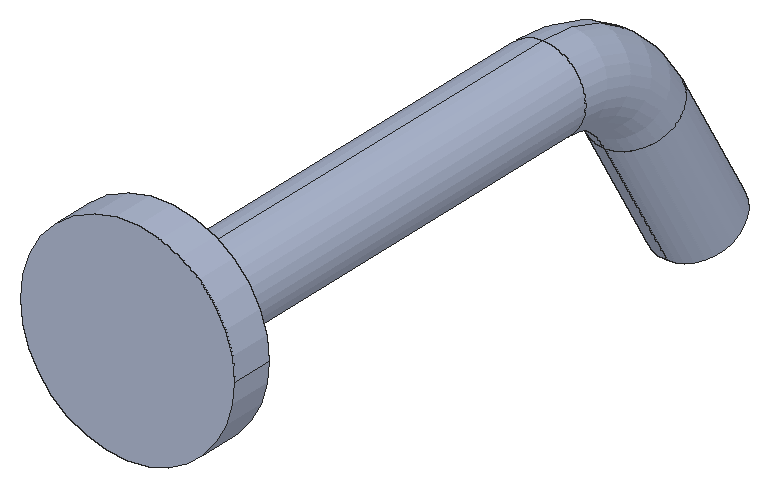
Revit family "BRG-GRF-CCN_Griferia Sense plus de pared", category Aparatos sanitarios, Revit 2020
Family settings
  Anfitrión = Muro
  Cota de conector redondo = Diámetro de uso
  Tipo de pieza = Normal
  Número OmniClass = 23.45.00.00
  Título OmniClass = Sanitary, Laundry, and Cleaning Equipment
  Siempre vertical = Sí
  Corte con vacíos al cargar = No
  Compartido = No
  Punto de cálculo de habitación = No
Parameters (values of type "BRIGGS SENSE PLUS DE PARED PARA LAVAMANOS")
  _EDESA_ Materiales = "Latón"
  _EDESA_ Garantía = "De por vida para el cuerpo principal y acabado en cromo (306)"
  _EDESA_ Conexión hidráulica = "Entrada de agua: tubería ø 1/2\""
  _EDESA_ Tipo de instalación = "A la pared"
  _EDESA_ Sku/código = "SG0078073061CW"
  _EDESA_ Manual de instalación = ""
  _EDESA_ Profundidad en cm = "19.6"
  _EDESA_ Productos necesarios para instalación = "Desagüe 1 1/4\", Sifón 1 1/4\""
  _EDESA_ Productos incluídos = "Transformador 110 V a 6V, 4 pilas AA en portapilas, Tubo de PVC para protección de la línea eléctrica. Además tacos y tornillos para instalación de la caja eléctrica"
  _EDESA_ Peso en kg = ""
  _EDESA_ Nombre = "BRIGGS SENSE PLUS DE PARED PARA LAVAMANOS"
  _EDESA_ Distancia de instalación en cm (muro terminado) = ""
  _EDESA_ Descripción = "Llave de lavamanos con sensor para agua fria. Instalación a la pared."
  _EDESA_ Contacto comercial = "(02) 395 2900"
  _EDESA_ Consumo/capacidad de agua en L = "3.8 litros por minuto / 1 gpm"
  _EDESA_ Color = "Cromo"
  _EDESA_ Certificación = "Cumple con norma NTE - INEN 3123 basada en la norma ASME 112.18.1 - 2012."
  _EDESA_ Categoría = "Productos > Grifería > Institucional"
  _EDESA_ BIM Manager = "Arq. Milton Ruano"
  _EDESA_ Autor BIM = "www.bimplus.com.ec (bimplus.arquitectura.integrada@gmail.com)"
  _EDESA_ Ancho en cm = "6"
  _EDESA_ Alto en cm = "8.3"
  URL = "https://www.briggs.com.ec/productos/fichastecnicaspdf/Briggs/Griferia/Briggs_sense_plus_pared_lavamanos.pdf"
  Modelo = "BRIGGS SENSE PLUS DE PARED PARA LAVAMANOS"
  Fabricante = "BRIGGS Ecuador"
  Elevación por defecto = 0.00 m
Reference planes (m)
  plane 1: y = 0
  plane 2 "Centro (Izquierda/Derecha)": x = 0.125
  plane 3 "Posterior": y = 0.075
Text (m)
  text "Cara de colocación" at (-1.787139, 0.59235, 0), in view "Nivel de referencia"
  text "Cara de colocación" at (0, 1.827695, 2.917686), in view "Izquierda"
  text "Cara de colocación" at (0, 0.562268, 3.853606), in view "Derecha"
Dimensions and locks (m)
  locked: plane 3 "Posterior" to host wall
  aligned and locked: host wall to plane 1
  aligned and locked: nested 1 to plane 3 "Posterior"
  aligned and locked: nested 1 to plane 2 "Centro (Izquierda/Derecha)"
Nested families (m)
  nested 1: "1" at (0.125, 0.075, 0.214811) x (-1, 0, 0) z (0, 0, 1), type "1"
Connectors (m)
  piping at (0.125, 0.075, 1.064811), diameter 0.012
    settings: on nested 1, index 1, connector inside diameter 609.6 mm, connector length 0.00 m, flow factor 0, pipe flow 0.15 L/s, pressure drop 0.0 Pa, fitting loss kfactor 0, connector angle 0.00°, fixture units 0, engagement length 0.00 m, angle of deflection 0.00°, flow configuration 0, flow direction 1, fitting loss method 0, system type 19, joint type 0, gender type 0, connector reference index -1, connector utility 0, adjustable connector no, is connector primary yes, connector description ""
Definition of nested family "1"
  Parameters (values of type "1")
    _EDESA_ Tolerancia dimensional = ""
    _EDESA_ Sku/código = "0"
    _EDESA_ Contacto comercial = "0"
    _EDESA_ Color = ""
    _EDESA_ Certificación = "0"
    _EDESA_ Productos necesarios para instalación = "0"
    _EDESA_ Productos incluídos = "0"
    _EDESA_ Tipo de Aro = "0"
    _EDESA_ Descripción = "0"
    _EDESA_ Peso en kg = "0"
    _EDESA_ Consumo/capacidad de agua en L = "0"
    _EDESA_ Distancia de instalación en cm (muro terminado) = "0"
    _EDESA_ Tipo de instalación = "0"
    _EDESA_ Profundidad en cm = "0"
    _EDESA_ Ancho en cm = "0"
    _EDESA_ Alto en cm = "0"
    _EDESA_ Página web = "0"
    _EDESA_ Nombre = "0"
    _EDESA_ Marca = "0"
    _ALT_Eje instalación = 0.60 m
    _ALT_Basamento = 0.85 m
    URL = ""
    Model = "00"
    Type Image = (empty or 0)
    Manufacturer = "EDESA Ecuador"
    Default Elevation = 0.00 m
    Vent Connection = yes
    Waste Connection = yes
    CW Connection = yes
    HW Connection = yes
  Reference planes (m)
    plane 1 "Centro (Frontal/Posterior)": y = 0
    plane 2: z = 0
    plane 3 "Centro (Izquierda/Derecha)": x = 0
    plane 4 "_RP_Eje1": z = 1.025
  Forms (m)
    Extrusion 1, solid
      sketch origin (0, 0, 0) x (1, 0, 0) y (0, 0, 1)
        loop
          circle (0, 0.85) r 0.03
      from 0 to 0.012
    Sweep 2, solid
      path origin (0, 0, 0) x (0, 1, 0) y (0, 0, 1)
        loop
          line (-0.188349, 0.7875) -> (-0.166699, 0.825)
          arc (-0.166699, 0.825) -> (-0.157548, 0.834151) -> (-0.145048, 0.8375) r 0.025
          line (-0.145048, 0.8375) -> (-0.012, 0.8375)
      profile origin (0, -0.078524, 0.8375) x (0, 0, -1) y (1, 0, 0)
        loop
          circle (-0.012, 0) r 0.012
    Revolve 3, void
      sketch origin (0, 0, 0) x (0, 1, 0) y (0, 0, 1)
        loop
          line (-0.198992, 0.793067) -> (-0.186492, 0.814717) -> (-0.195267, 0.819784) -> (-0.207767, 0.798133) -> (-0.198992, 0.793067)
        axis (-0.198992, 0.793067) -> (-0.186492, 0.814717)
      angle from 0 to 360
    Revolve 4, solid
      sketch origin (0, 0, 0) x (0, 1, 0) y (0, 0, 1)
        loop
          line (-0.19904, 0.792984) -> (-0.19792, 0.794924) -> (-0.205984, 0.79958) -> (-0.207104, 0.79764) -> (-0.19904, 0.792984)
        axis (-0.19792, 0.794924) -> (-0.19904, 0.792984)
      angle from 0 to 360
    Revolve 5, solid
      sketch origin (0, 0.002442, -0.003275) x (0, 1, 0) y (0, 0, 1)
        loop
          line (-0.19904, 0.792984) -> (-0.19792, 0.794924) -> (-0.20225, 0.797424) -> (-0.20281, 0.796454) -> (-0.200705, 0.793945) -> (-0.19904, 0.792984)
        axis (-0.19792, 0.794924) -> (-0.19904, 0.792984)
      angle from 0 to 360
  Cuts and joins
    Revolve 3 cuts Sweep 2
  Dimensions and locks (m)
    aligned and locked: level to plane 2
